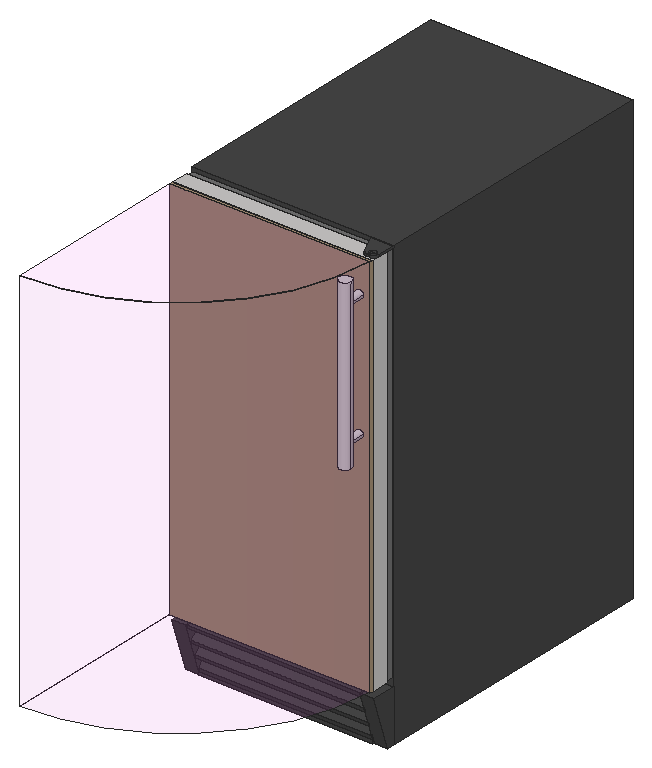
Revit family "QF_Summit_BIM44GIFADA_ADA_Compliant_Ice_Maker", category Specialty Equipment, Revit 2020
Family settings
  Round Connector Dimension = Use Diameter
  Part Type = Normal
  Work Plane-Based = No
  Always vertical = Yes
  Cut with Voids When Loaded = No
  Shared = No
  Room Calculation Point = No
Parameters
  Weight in Pounds = 100
  Watts = if(Phase = 3, Volts * FL Amps * 1.73, Volts * FL Amps)  # 552 W
  Waste Water Discharge Temperature = -459.67 °F
  Volts = 115 V
  Ventilation Remarks = ""
  URL Cutsheet = ""
  Specification by User = ""
  Specification by Manufacturer = ""
  Show RHD [instance] = yes
  Show LHD [instance] = not(Show RHD)  # no
  Show Clearance [instance] = yes
  Serial Number = ""
  Seismic Rating = ""
  SMACNA No = ""
  Revision Code = ""
  Refrigerant Volume = 0.00 kip
  Refrigerant Type = "R134a"
  Plumbing Remarks = ""
  Phase = 1
  Number of Poles = 1
  NAFEM Spec ID Number = ""
  Model = "BIM44GIFADA"
  Min Ckt Ampacity = 0 A
  Max Overcurrent Protection = 0 A
  Masterspec = ""
  Manufacturer = "Summit"
  Length = 14 1/2"
  Item Number = ""
  Installed By = ""
  Indirect Waste Size = 3/4"
  Indirect Waste Flow = 0 GPM
  Indirect Waste Connection Type = ""
  Indirect Waste Connection Height = 0"
  Identify Quantity as Lot = yes
  Height = 32 3/8"
  HP = ""
  Furnished By = ""
  Foodservice Equipment Identifier = yes
  FL Amps = 4.8 A
  Electrical Remarks = ""
  Electric Connection Type = ""
  Elec Conn RI Height = 0"
  Elec Conn Connection Height = 0"
  Direct Waste Size = 0"
  Direct Waste RI Height = 0"
  Direct Waste Flow = 0 GPM
  Direct Waste Connection Height = 0"
  Description = "ADA Compliant Ice Maker"
  Depth = 23 1/2"
  Default Elevation = 0"
  Cycle = 60 Hz
  Conn Plug = ""
  Conn Conduit = yes
  Cold Water Temperature Recommended = -459.67 °F
  Cold Water Size = 3/8"
  Cold Water RI Height = 0"
  Cold Water Minimum Pressure = 0.00 psi
  Cold Water Maximum Pressure = 0.00 psi
  Cold Water Flow = 0 GPM
  Cold Water Consumption = ""
  Cold Water Connection Height = 0"
  CSI MasterFormat = ""
  Base Height [instance] = 1/4"
  BTUH = 0.0 Btu/h
  Apparent Power = if(Phase = 3, Volts * FL Amps * 1.73, Volts * FL Amps)  # 552 VA
Reference planes (in)
  plane 1 "BACK": y = 0
  plane 2: z = 0
  plane 3 "LEFT": x = 0
  plane 4 "RIGHT": x = 14.5
  plane 5 "FRONT": y = -23.25
  plane 6 "TOP": z = 32.375
  plane 7 "Center Y": x = 7.25
  plane 8 "Center X": y = -11.625
  plane 9 "Base Height": z = 0.25
  plane 10: y = -25.25
  plane 11: y = -21.5
  plane 12: z = 0.5
  plane 13: y = -23.5
  plane 14: y = -37
  plane 15: z = 31.375
  plane 16: z = 19.375
Forms (in)
  Extrusion 1, solid, material "QF_Metal_Black"
    sketch origin (0, 0, 0.25) x (-1, 0, 0) y (0, -1, 0)
      loop
        line (0, 0) -> (0, 21.5) -> (-14.5, 21.5) -> (-14.5, 0) -> (0, 0)
    from 0 to 32.125
  Extrusion 2, solid, material "QF_Metal_Stainless_Polished"
    sketch origin (15.07679, -21.5, 0.25) x (-1, 0, 0) y (0, 0, -1)
      loop
        line (0.63929, -31.9375) -> (15.01429, -31.9375) -> (15.01429, -4.1875) -> (0.63929, -4.1875) -> (0.63929, -31.9375)
    from 0.48459 to 1.75
  Extrusion 3, solid, material "QF_Rubber - Black - Smooth"
    sketch origin (15.07679, -21.5, 0.25) x (-1, 0, 0) y (0, 0, -1)
      loop
        line (14.95179, -31.875) -> (14.95179, -4.25) -> (0.70179, -4.25) -> (0.70179, -31.875) -> (14.95179, -31.875)
    from 0 to 0.48459
  Extrusion 4, solid, material "QF_Metal_Black", visible <- "Show LHD"
    sketch origin (0, 0, 32.375) x (-1, 0, 0) y (0, -1, 0)
      loop
        arc (-1.59653, 21.54634) -> (-1.5807, 21.51337) -> (-1.54666, 21.5) r 0.05
        line (-1.54666, 21.5) -> (0, 21.5) -> (0, 22.79709)
        arc (0, 22.79709) -> (-0.10983, 23.06226) -> (-0.375, 23.17209) r 0.375
        line (-0.375, 23.17209) -> (-0.57316, 23.17209)
        arc (-0.57316, 23.17209) -> (-0.77491, 23.11319) -> (-0.91329, 22.95501) r 0.375
        line (-0.91329, 22.95501) -> (-1.59653, 21.54634)
      loop
        circle (-0.375, 22.85959) r 0.21875
    from 0 to -0.125
  Revolve 5, solid, material "QF_Metal_Black", visible <- "Show LHD"
    sketch origin (0, -22.8585, 0) x (1, 0, 0) y (0, 0, 1)
      loop
        line (0.375, 32.4375) -> (0.15649, 32.4375) -> (0.15649, 32.25) -> (0.26575, 32.25) -> (0.26575, 32.1875) -> (0.375, 32.1875) -> (0.375, 32.4375)
      axis (0.375, 32.1875) -> (0.375, 32.4375)
    angle from 0 to 360
  Extrusion 6, solid, material "QF_Metal_Black"
    sketch origin (14.4375, -21.5, 4.4375) x (0, 1, 0) y (1, 0, 0)
      loop
        line (0, -14.4375) -> (0, -12.89084)
        arc (0, -12.89084) -> (-0.01337, -12.8568) -> (-0.04634, -12.84097) r 0.05
        line (-0.04634, -12.84097) -> (-1.45501, -13.52421)
        arc (-1.45501, -13.52421) -> (-1.61319, -13.66259) -> (-1.67209, -13.86434) r 0.375
        line (-1.67209, -13.86434) -> (-1.67209, -14.0625)
        arc (-1.67209, -14.0625) -> (-1.56226, -14.32767) -> (-1.29709, -14.4375) r 0.375
        line (-1.29709, -14.4375) -> (0, -14.4375)
    from 0.0625 to 0.25
  Extrusion 7, solid, material "QF_Metal_Black"
    sketch origin (14.4375, -21.5, 4.375) x (0, 1, 0) y (-1, 0, 0)
      loop
        circle (-1.3585, 14.0625) r 0.21851
    from 0 to 0.125
  Extrusion 8, solid, material "QF_Metal_Black"
    sketch origin (0, 0, 0) x (0, 1, 0) y (0, 0, 1)
      loop
        line (-21.5, 0.25) -> (-21.5, 4) -> (-23.25, 4) -> (-22, 0.25) -> (-21.5, 0.25)
    from 0 to 1
  Extrusion 9, solid, material "QF_Metal_Black"
    sketch origin (14.5, 0, 0) x (0, -1, 0) y (0, 0, 1)
      loop
        line (21.5, 0.25) -> (22, 0.25) -> (23.25, 4) -> (21.5, 4) -> (21.5, 0.25)
    from 0 to 1
  Extrusion 10, solid, material "QF_Metal_Black"
    sketch origin (1, 0, 0) x (0, 1, 0) y (0, 0, 1)
      loop
        line (-21.5, 4) -> (-23.25, 4) -> (-23.16667, 3.75) -> (-21.625, 3.75) -> (-22.88286, 2.89857) -> (-22.79167, 2.625) -> (-21.625, 2.625) -> (-22.5, 1.75) -> (-22.41667, 1.5) -> (-21.67961, 1.5) -> (-22.16667, 0.75) -> (-22.08333, 0.5) -> (-22.08333, 0.25) -> (-21.5, 0.25) -> (-21.5, 4)
    from 0 to 12.5
  Extrusion 11, void
    sketch origin (0, 0, 0.25) x (1, 0, 0) y (0, 0, -1)
      loop
        line (0.25, -7.875) -> (5, -7.875) -> (5, -0.25) -> (0.25, -0.25) -> (0.25, -7.875)
    from -1 to 1
  Extrusion 12, solid, material "QF_Rubber - Black - Smooth"
    sketch origin (0, 0, 0.25) x (1, 0, 0) y (0, 0, -1)
      loop
        circle (5.5, -0.75) r 0.25
    from 0 to 0.0625
  Extrusion 13, solid
    sketch origin (0, -1, 0.25) x (1, 0, 0) y (0, 0, -1)
      loop
        circle (1.75, -4.875) r 0.375
      loop
        circle (3.0625, -6.57986) r 0.1875
    from 0 to 0.0625
  Extrusion 14, solid, material "QF_Clearances_Door_Drawer", visible <- "Show RHD"
    sketch origin (14.4375, -21.75, 4.4375) x (0, 1, 0) y (1, 0, 0)
      loop
        arc (-1.75, 0.00137) -> (-11.3422, -4.51854) -> (-15.25245, -14.375) r 14.42446
        line (-15.25245, -14.375) -> (-1.75, -14.375) -> (-1.75, 0.00137)
    from 0 to -27.75
  Revolve 15, solid, material "QF_Metal_Black"
    sketch origin (0, -20, 0) x (1, 0, 0) y (0, 0, 1)
      loop
        line (1, 0) -> (1.5, 0) -> (1.5, 0.25) -> (1, 0.25) -> (1, 0)
      axis (1.5, 0.25) -> (1.5, 0)
    angle from 0 to 360
  Revolve 16, solid, material "QF_Metal_Black"
    sketch origin (11.5, -20, 0) x (1, 0, 0) y (0, 0, 1)
      loop
        line (1, 0) -> (1.5, 0) -> (1.5, 0.25) -> (1, 0.25) -> (1, 0)
      axis (1.5, 0.25) -> (1.5, 0)
    angle from 0 to 360
  Revolve 17, solid, material "QF_Metal_Black"
    sketch origin (0, -1.5, 0) x (1, 0, 0) y (0, 0, 1)
      loop
        line (1, 0) -> (1.5, 0) -> (1.5, 0.25) -> (1, 0.25) -> (1, 0)
      axis (1.5, 0.25) -> (1.5, 0)
    angle from 0 to 360
  Revolve 18, solid, material "QF_Metal_Black"
    sketch origin (11.5, -1.5, 0) x (1, 0, 0) y (0, 0, 1)
      loop
        line (1, 0) -> (1.5, 0) -> (1.5, 0.25) -> (1, 0.25) -> (1, 0)
      axis (1.5, 0.25) -> (1.5, 0)
    angle from 0 to 360
  Extrusion 19, solid, material "QF_Wood_Hard_Rock_Maple_Satin"
    sketch origin (15.07679, -23.25, 0.25) x (-1, 0, 0) y (0, 0, -1)
      loop
        line (0.63929, -31.9375) -> (15.01429, -31.9375) -> (15.01429, -4.1875) -> (0.63929, -4.1875) -> (0.63929, -31.9375)
    from 0 to 0.25
  Extrusion 20, solid, material "QF_Metal_Stainless_Polished", visible <- "Show RHD"
    sketch origin (14.4375, -21.5, 32.1875) x (-1, 0, 0) y (0, -1, 0)
      loop
        circle (0.75096, 3.31373) r 0.43671
    from -0.8125 to -12.8125
  Extrusion 21, solid, material "QF_Metal_Stainless_Polished", visible <- "Show RHD"
    sketch origin (15.07679, -23.5, 0.25) x (-1, 0, 0) y (0, 0, -1)
      loop
        circle (1.39025, -29.625) r 0.25
      loop
        circle (1.39025, -20.625) r 0.25
    from 0 to 1.31373
  Extrusion 22, solid, material "QF_Clearances_Door_Drawer", visible <- "Show LHD"
    sketch origin (0.0625, -21.75, 4.4375) x (0, -1, 0) y (-1, 0, 0)
      loop
        line (1.75, 0.00137) -> (1.75, -14.375) -> (15.25245, -14.375)
        arc (15.25245, -14.375) -> (11.3422, -4.51854) -> (1.75, 0.00137) r 14.42446
    from 0 to -27.75
  Extrusion 23, solid, material "QF_Metal_Stainless_Polished", visible <- "Show LHD"
    sketch origin (0.0625, -21.5, 32.1875) x (1, 0, 0) y (0, 1, 0)
      loop
        circle (0.75096, -3.31373) r 0.43671
    from -0.8125 to -12.8125
  Extrusion 24, solid, material "QF_Metal_Stainless_Polished", visible <- "Show LHD"
    sketch origin (-0.57679, -23.5, 0.25) x (1, 0, 0) y (0, 0, 1)
      loop
        circle (1.39025, 29.625) r 0.25
      loop
        circle (1.39025, 20.625) r 0.25
    from 0 to 1.31373
  Extrusion 25, solid, material "QF_Metal_Black", visible <- "Show RHD"
    sketch origin (14.5, 0, 32.375) x (1, 0, 0) y (0, 1, 0)
      loop
        line (-1.59653, -21.54634) -> (-0.91329, -22.95501)
        arc (-0.91329, -22.95501) -> (-0.77491, -23.11319) -> (-0.57316, -23.17209) r 0.375
        line (-0.57316, -23.17209) -> (-0.375, -23.17209)
        arc (-0.375, -23.17209) -> (-0.10983, -23.06226) -> (0, -22.79709) r 0.375
        line (0, -22.79709) -> (0, -21.5) -> (-1.54666, -21.5)
        arc (-1.54666, -21.5) -> (-1.5807, -21.51337) -> (-1.59653, -21.54634) r 0.05
      loop
        circle (-0.375, -22.85959) r 0.21875
    from 0 to -0.125
  Revolve 26, solid, material "QF_Metal_Black", visible <- "Show RHD"
    sketch origin (14.5, -22.8585, 0) x (-1, 0, 0) y (0, 0, -1)
      loop
        line (0.375, -32.4375) -> (0.375, -32.1875) -> (0.26575, -32.1875) -> (0.26575, -32.25) -> (0.15649, -32.25) -> (0.15649, -32.4375) -> (0.375, -32.4375)
      axis (0.375, -32.1875) -> (0.375, -32.4375)
    angle from 0 to 360
Cuts and joins
  Extrusion 11 cuts Extrusion 1
Lines and regions (in)
  Split face 1
    outline origin (0.375, -22.8585, 32.4375) x (0, 1, 0) y (-1, 0, 0)
      loop
        line (-0.02941, 0.21652) -> (-0.02941, -0.21751)
  Split face 2
    outline origin (0.375, -22.8585, 32.4375) x (0, 1, 0) y (-1, 0, 0)
      loop
        line (0.03309, 0.21651) -> (0.03309, -0.21651)
  Split face 3
    outline origin (14.125, -22.8585, 32.4375) x (1, 0, 0) y (0, 1, 0)
      loop
        line (0.21652, -0.02941) -> (-0.21751, -0.02941)
  Split face 4
    outline origin (14.125, -22.8585, 32.4375) x (1, 0, 0) y (0, 1, 0)
      loop
        line (0.21651, 0.03309) -> (-0.21651, 0.03309)
  symbolic lines
    curve 1: line (0, 0, 0.25) -> (14.5, 0, 0.25)
    curve 2: line (0, -23.5, 0.25) -> (0, 0, 0.25)
    curve 3: line (14.5, -21.5, 0.25) -> (0, -21.5, 0.25)
    curve 4: line (14.5, 0, 0.25) -> (14.5, -23.5, 0.25)
    curve 5: line (14.375, -21.98459, 0.25) -> (14.375, -21.5, 0.25)
    curve 7: line (14.4375, -23.5, 0.25) -> (14.4375, -21.98459, 0.25)
    curve 17: line (0.0625, -23.00438, 0.25) -> (0.0625, -23.5, 0.25)
  symbolic lines, visible <- "Show LHD"
    curve 6: line (14.4375, -21.98459, 0.25) -> (1.38396, -21.98459, 0.25)
    curve 8: arc (1.59653, -21.54634, 0.25) -> (1.5807, -21.51337, 0.25) -> (1.54666, -21.5, 0.25) r 0.05
    curve 9: line (0.91329, -22.95501, 0.25) -> (1.59653, -21.54634, 0.25)
    curve 10: arc (0.57316, -23.17209, 0.25) -> (0.77491, -23.11319, 0.25) -> (0.91329, -22.95501, 0.25) r 0.375
    curve 11: line (0.375, -23.17209, 0.25) -> (0.57316, -23.17209, 0.25)
    curve 12: arc (0, -22.79709, 0.25) -> (0.10983, -23.06226, 0.25) -> (0.375, -23.17209, 0.25) r 0.375
    curve 13: arc (0.59351, -22.8585, 0.25) -> (0.375, -23.07701, 0.25) -> (0.15649, -22.8585, 0.25) r 0.21851
    curve 14: arc (0.15649, -22.8585, 0.25) -> (0.375, -22.64, 0.25) -> (0.59351, -22.8585, 0.25) r 0.21851
    curve 15: line (0.15901, -22.82541, 0.25) -> (0.59099, -22.82541, 0.25)
    curve 16: line (0.15848, -22.88791, 0.25) -> (0.59152, -22.88791, 0.25)
    curve 27: line (0.5625, -23.5, 0.25) -> (0.5625, -24.45633, 0.25)
    curve 28: line (1.0625, -23.5, 0.25) -> (1.0625, -24.45499, 0.25)
    curve 29: arc (0.37675, -24.81373, 0.25) -> (0.81346, -24.37702, 0.25) -> (1.25016, -24.81373, 0.25) r 0.43671
    curve 30: arc (1.25016, -24.81373, 0.25) -> (0.81346, -25.25043, 0.25) -> (0.37675, -24.81373, 0.25) r 0.43671
  symbolic lines, style "QF_Clearances_Door_Drawer", visible <- "Show RHD"
    curve 18: arc (14.43783, -23.5, 0.25) -> (13.72697, -27.12976, 0.25) -> (12.11734, -30.45986, 0.25) r 14.43997
    curve 19: line (0.0625, -23.5, 0.25) -> (12.11734, -30.45986, 0.25)
  symbolic lines, style "SpecialityEquipment"
    curve 20: line (0, -23.5, 0.25) -> (14.5, -23.5, 0.25)
  symbolic lines, visible <- "Show RHD"
    curve 21: line (13.9375, -23.5, 0.25) -> (13.9375, -24.45633, 0.25)
    curve 22: line (13.4375, -23.5, 0.25) -> (13.4375, -24.45499, 0.25)
    curve 23: arc (14.12325, -24.81373, 0.25) -> (13.68654, -24.37702, 0.25) -> (13.24984, -24.81373, 0.25) r 0.43671
    curve 24: arc (13.24984, -24.81373, 0.25) -> (13.68654, -25.25043, 0.25) -> (14.12325, -24.81373, 0.25) r 0.43671
    curve 31: arc (12.90347, -21.54634, 0.25) -> (12.9193, -21.51337, 0.25) -> (12.95334, -21.5, 0.25) r 0.05
    curve 32: line (13.58671, -22.95501, 0.25) -> (12.90347, -21.54634, 0.25)
    curve 33: arc (13.92684, -23.17209, 0.25) -> (13.72509, -23.11319, 0.25) -> (13.58671, -22.95501, 0.25) r 0.375
    curve 34: line (14.125, -23.17209, 0.25) -> (13.92684, -23.17209, 0.25)
    curve 35: arc (14.5, -22.79709, 0.25) -> (14.39017, -23.06226, 0.25) -> (14.125, -23.17209, 0.25) r 0.375
    curve 36: arc (13.90649, -22.8585, 0.25) -> (14.125, -23.07701, 0.25) -> (14.34351, -22.8585, 0.25) r 0.21851
    curve 37: arc (14.34351, -22.8585, 0.25) -> (14.125, -22.64, 0.25) -> (13.90649, -22.8585, 0.25) r 0.21851
    curve 38: line (14.34099, -22.82541, 0.25) -> (13.90901, -22.82541, 0.25)
    curve 39: line (14.34152, -22.88791, 0.25) -> (13.90848, -22.88791, 0.25)
    curve 40: line (0.0625, -21.98459, 0.25) -> (13.11604, -21.98459, 0.25)
    curve 41: line (0.0625, -23.5, 0.25) -> (0.0625, -21.98459, 0.25)
  symbolic lines, style "QF_Clearances_Door_Drawer", visible <- "Show LHD"
    curve 25: arc (0.06217, -23.5, 0.25) -> (0.77303, -27.12976, 0.25) -> (2.38266, -30.45986, 0.25) r 14.43997
    curve 26: line (14.4375, -23.5, 0.25) -> (2.38266, -30.45986, 0.25)
Dimensions and locks (in)
  equal spacing: plane 3 "LEFT", plane 7 "Center Y", plane 4 "RIGHT"
  "Length": plane 3 "LEFT" to plane 4 "RIGHT"
  equal spacing: plane 5 "FRONT", plane 8 "Center X", plane 1 "BACK"
  "Depth": plane 13 to plane 1 "BACK"
  "Height": plane 6 "TOP" to level
  "Base Height": plane 9 "Base Height" to level
  plane 14 to plane 1 "BACK" = 37"
  plane 10 to plane 5 "FRONT" = 2"
  plane 11 to plane 1 "BACK" = 21 1/2"
  plane 6 "TOP" to plane 9 "Base Height" = 32 1/8"
  plane 13 to plane 5 "FRONT" = 1/4"
  plane 15 to plane 16 = 12"
  aligned and locked: level to plane 2
Automatic sketch dimensions
  plane 1 "BACK" to Extrusion 1 sketch curve = 0"
  Extrusion 1 sketch curve to plane 4 "RIGHT" = 0"
  Extrusion 1 sketch curve to plane 3 "LEFT" = 0"
  plane 11 to Extrusion 1 sketch curve = 0"
  Extrusion 2 sketch curve to Extrusion 1 = 1/16"
  Extrusion 1 to Extrusion 2 sketch curve = 1/16"
  Extrusion 1 to Extrusion 2 sketch curve = 3/16"
  Extrusion 1 to Extrusion 2 sketch curve = 4 3/16"
  Extrusion 3 sketch curve to Extrusion 1 = 1/8"
  Extrusion 1 to Extrusion 3 sketch curve = 1/8"
  Extrusion 1 to Extrusion 3 sketch curve = 1/4"
  Extrusion 1 to Extrusion 3 sketch curve = 4 1/4"
  Extrusion 1 to Extrusion 4 sketch curve = 0"
  Extrusion 4 sketch curve to Extrusion 1 = 0"
  Extrusion 4 sketch curve to Extrusion 4 sketch curve = 3/8"
  Extrusion 4 sketch curve to Extrusion 4 sketch curve = 0"  (x2)
  Extrusion 4 sketch curve to Extrusion 4 sketch curve = 0.19816"
  Extrusion 4 sketch curve to Extrusion 4 sketch curve = 0.34013"
  Extrusion 4 sketch curve to Extrusion 4 sketch curve = 1.54666"
  Extrusion 1 to Extrusion 4 sketch curve = 0.04634"
  Extrusion 4 sketch curve to Extrusion 4 sketch curve = 0.04987"
  Extrusion 1 to Extrusion 4 sketch curve = 1.29709"
  Extrusion 4 sketch curve to Extrusion 4 sketch curve = 1/16"
  plane 6 "TOP" to Revolve 5 sketch curve = 1/16"
  plane 3 "LEFT" to Revolve 5 sketch curve = 0.15649"
  Revolve 5 sketch curve to Revolve 5 sketch curve = 0.10925"  (x2)
  Revolve 5 sketch curve to plane 6 "TOP" = 1/8"
  Revolve 5 sketch curve to Revolve 5 sketch curve = 1/16"
  Revolve 5 sketch curve to Revolve 5 sketch curve = 0"  (x2)
  Revolve 5 sketch curve to Revolve 5 sketch curve = 0.17625"
  Revolve 5 to Split face 1 sketch curve = 0.02941"
  Split face 1 sketch curve to Split face 1 sketch curve = 0.43403"
  Split face 2 sketch curve to Revolve 5 = 0.03309"
  Split face 2 sketch curve to Split face 2 sketch curve = 0.43301"
  Extrusion 6 sketch curve to Extrusion 2 = 0.07791"
  Extrusion 6 sketch curve to Extrusion 2 = 0.29499"
  Extrusion 6 sketch curve to Extrusion 6 sketch curve = 0.15792"
  Extrusion 2 to Extrusion 6 sketch curve = 1/16"
  Extrusion 6 sketch curve to Extrusion 2 = 0.45291"
  Extrusion 2 to Extrusion 6 sketch curve = 0.43459"
  Extrusion 6 sketch curve to Extrusion 6 sketch curve = 0.00366"
  Extrusion 2 to Extrusion 6 sketch curve = 0.48459"
  Extrusion 6 sketch curve to Extrusion 6 sketch curve = 0.19816"
  Extrusion 6 sketch curve to Extrusion 2 = 1.48416"
  Extrusion 7 sketch curve to Extrusion 7 sketch curve = 0"  (x2)
  Extrusion 7 sketch curve to Extrusion 6 = 0.31359"
  Extrusion 7 sketch curve to Extrusion 6 = 3/8"
  Extrusion 7 sketch curve to Extrusion 7 sketch curve = 0.21851"
  Extrusion 8 sketch curve to plane 5 "FRONT" = 0"
  Extrusion 8 sketch curve to plane 9 "Base Height" = 0"
  Extrusion 8 sketch curve to plane 11 = 0"
  plane 11 to Extrusion 8 sketch curve = 1/2"
  plane 12 to Extrusion 8 sketch curve = 3 1/2"
  Extrusion 9 sketch curve to plane 11 = 0"
  Extrusion 9 sketch curve to plane 9 "Base Height" = 0"  (x2)
  Extrusion 9 sketch curve to plane 5 "FRONT" = 0"
  plane 12 to Extrusion 9 sketch curve = 3 1/2"
  Extrusion 9 sketch curve to Extrusion 9 sketch curve = 1/2"
  Extrusion 9 sketch curve to Extrusion 9 sketch curve = 0"
  Extrusion 10 sketch curve to Extrusion 8 = 0"  (x4)
  Extrusion 8 to Extrusion 10 sketch curve = 0"  (x7)
  Extrusion 10 sketch curve to Extrusion 8 = 1/4"  (x2)
  Extrusion 10 sketch curve to Extrusion 8 = 1.10143"
  Extrusion 10 sketch curve to Extrusion 10 sketch curve = 0.09119"
  Extrusion 10 sketch curve to Extrusion 10 sketch curve = 0.29167"
  Extrusion 10 sketch curve to Extrusion 10 sketch curve = 0.08333"
  Extrusion 10 sketch curve to Extrusion 8 = 1/2"
  Extrusion 10 sketch curve to Extrusion 8 = 0.17961"
  Extrusion 10 sketch curve to Extrusion 8 = 1/8"  (x2)
  Extrusion 11 sketch curve to Extrusion 1 = 1/4"
  Extrusion 1 to Extrusion 11 sketch curve = 1/4"
  Extrusion 11 sketch curve to Extrusion 11 sketch curve = 4 3/4"
  Extrusion 11 sketch curve to Extrusion 11 sketch curve = 7 5/8"
  Extrusion 1 to Extrusion 12 sketch curve = 3/4"
  Extrusion 12 sketch curve to Extrusion 1 = 5 1/2"
  Extrusion 13 sketch curve to Extrusion 11 = 1 1/2"
  Extrusion 13 sketch curve to Extrusion 11 = 1 15/16"
  Extrusion 13 sketch curve to Extrusion 11 = 1.29514"
  Extrusion 13 sketch curve to Extrusion 13 sketch curve = 1.70486"
  Extrusion 14 sketch curve to Extrusion 2 = 0"
  Extrusion 2 to Extrusion 14 sketch curve = 13.75245"
  Extrusion 2 to Extrusion 14 sketch curve = 1/4"
  Extrusion 2 to Extrusion 14 sketch curve = 0.01859"
  Extrusion 14 sketch curve to Extrusion 2 = 0.59341"
  Revolve 15 sketch curve to level = 0"  (x2)
  Revolve 15 sketch curve to plane 9 "Base Height" = 0"
  plane 3 "LEFT" to Revolve 15 sketch curve = 1"
  Revolve 15 sketch curve to Revolve 15 sketch curve = 1/2"
  Revolve 15 sketch curve to Revolve 15 sketch curve = 0"
  Revolve 15 sketch curve to Revolve 15 sketch curve = 0.61388"
  Revolve 16 sketch curve to level = 0"  (x2)
  Revolve 16 sketch curve to plane 9 "Base Height" = 0"
  plane 4 "RIGHT" to Revolve 16 sketch curve = 2"
  Revolve 16 sketch curve to Revolve 16 sketch curve = 1/2"
  Revolve 16 sketch curve to Revolve 16 sketch curve = 0"
  Revolve 16 sketch curve to Revolve 16 sketch curve = 0.61388"
  Revolve 17 sketch curve to level = 0"  (x2)
  Revolve 17 sketch curve to plane 9 "Base Height" = 0"
  plane 3 "LEFT" to Revolve 17 sketch curve = 1"
  Revolve 17 sketch curve to Revolve 17 sketch curve = 1/2"
  Revolve 17 sketch curve to Revolve 17 sketch curve = 0"
  Revolve 17 sketch curve to level = 0.61388"
  Revolve 18 sketch curve to level = 0"  (x2)
  Revolve 18 sketch curve to plane 9 "Base Height" = 0"
  plane 4 "RIGHT" to Revolve 18 sketch curve = 2"
  Revolve 18 sketch curve to Revolve 18 sketch curve = 1/2"
  Revolve 18 sketch curve to Revolve 18 sketch curve = 0"
  Revolve 18 sketch curve to level = 0.61388"
  Extrusion 19 sketch curve to Extrusion 2 = 0"  (x3)
  Extrusion 2 to Extrusion 19 sketch curve = 0"
  Extrusion 2 to Extrusion 20 sketch curve = 0.75096"
  Extrusion 20 sketch curve to Extrusion 2 = 1.56373"
  Extrusion 21 sketch curve to Extrusion 19 = 0.75096"  (x2)
  Extrusion 21 sketch curve to Extrusion 19 = 2 5/16"
  Extrusion 21 sketch curve to Extrusion 21 sketch curve = 9"
  Extrusion 22 sketch curve to Extrusion 2 = 0"
  Extrusion 22 sketch curve to Extrusion 2 = 0.01859"
  Extrusion 22 sketch curve to Extrusion 2 = 0.59341"
  Extrusion 2 to Extrusion 22 sketch curve = 0.00137"
  Extrusion 2 to Extrusion 22 sketch curve = 1/4"
  Extrusion 2 to Extrusion 23 sketch curve = 0.75096"
  Extrusion 23 sketch curve to Extrusion 2 = 1.56373"
  Extrusion 24 sketch curve to Extrusion 19 = 0.75096"  (x2)
  Extrusion 24 sketch curve to Extrusion 19 = 11 5/16"
  Extrusion 24 sketch curve to Extrusion 19 = 2 5/16"
  Extrusion 1 to Extrusion 25 sketch curve = 0"
  Extrusion 25 sketch curve to Extrusion 1 = 0"
  Extrusion 25 sketch curve to Extrusion 25 sketch curve = 3/8"
  Extrusion 25 sketch curve to Extrusion 25 sketch curve = 0"  (x2)
  Extrusion 25 sketch curve to Extrusion 25 sketch curve = 0.19816"
  Extrusion 25 sketch curve to Extrusion 25 sketch curve = 0.34013"
  Extrusion 25 sketch curve to Extrusion 25 sketch curve = 1.54666"
  Extrusion 1 to Extrusion 25 sketch curve = 0.04634"
  Extrusion 25 sketch curve to Extrusion 25 sketch curve = 0.04987"
  Extrusion 1 to Extrusion 25 sketch curve = 1.29709"
  Extrusion 25 sketch curve to Extrusion 25 sketch curve = 1/16"
  plane 6 "TOP" to Revolve 26 sketch curve = 1/16"
  plane 4 "RIGHT" to Revolve 26 sketch curve = 0.15649"
  Revolve 26 sketch curve to Revolve 26 sketch curve = 0.10925"  (x2)
  Revolve 26 sketch curve to plane 6 "TOP" = 1/8"
  Revolve 26 sketch curve to Revolve 26 sketch curve = 1/16"
  Revolve 26 sketch curve to Revolve 26 sketch curve = 0"  (x2)
  Revolve 26 sketch curve to Revolve 26 sketch curve = 0.17625"
  Revolve 26 to Split face 3 sketch curve = 0.02941"
  Split face 3 sketch curve to Split face 3 sketch curve = 0.43403"
  Split face 4 sketch curve to Revolve 26 = 0.03309"
  Split face 4 sketch curve to Split face 4 sketch curve = 0.43301"
  curve 13 to curve 14 = 0"  (x2)
  curve 23 to curve 24 = 0"  (x2)
  curve 29 to curve 30 = 0"  (x2)
  curve 36 to curve 37 = 0"  (x2)
  curve 20 to plane 4 "RIGHT" = 0"
  curve 18 to plane 13 = 0"
  curve 7 to plane 13 = 0"
  plane 11 to curve 5 = 0"
  curve 19 to plane 13 = 0"
  curve 12 to plane 3 "LEFT" = 0"
  plane 1 "BACK" to curve 1 = 0"
  plane 4 "RIGHT" to curve 25 = 0.02832"
  plane 4 "RIGHT" to curve 7 = 1/16"
  curve 34 to plane 5 "FRONT" = 0.07791"
  plane 4 "RIGHT" to curve 34 = 3/8"
  curve 37 to curve 35 = 0"
  curve 35 to curve 33 = 0.19816"
  plane 4 "RIGHT" to curve 23 = 0.81346"
  curve 32 to plane 5 "FRONT" = 0.29499"
  curve 33 to curve 32 = 0.34013"
  plane 11 to curve 31 = 0.05"
  curve 32 to curve 31 = 0.63337"
  plane 11 to curve 32 = 0.04634"
  plane 4 "RIGHT" to curve 19 = 2.38266"
  plane 3 "LEFT" to curve 26 = 2.38266"
  plane 11 to curve 9 = 0.04634"
  plane 3 "LEFT" to curve 9 = 1.59653"
  curve 8 to curve 8 = 0.04987"
  curve 9 to plane 5 "FRONT" = 0.29499"
  plane 3 "LEFT" to curve 9 = 0.91329"
  plane 3 "LEFT" to curve 29 = 0.81346"
  curve 11 to plane 5 "FRONT" = 0.07791"
  curve 9 to curve 11 = 0.34013"
  curve 10 to curve 12 = 0.19816"
  curve 14 to curve 12 = 0"
  plane 3 "LEFT" to curve 19 = 1/16"
  plane 3 "LEFT" to curve 18 = 0.02832"
  plane 11 to curve 40 = 0.48459"
  plane 11 to curve 6 = 0.48459"
  curve 18 to curve 12 = 0.23459"
  curve 25 to curve 35 = 0.23459"
  curve 12 to curve 14 = 0.06141"
  curve 35 to curve 37 = 0.06141"
  plane 10 to curve 29 = 0.43627"
  plane 10 to curve 24 = 0.43627"
  curve 19 to plane 10 = 5.20986"
  curve 26 to plane 10 = 5.20986"
  curve 6 to curve 5 = 1/16"
  plane 4 "RIGHT" to curve 36 = 0.15649"
  curve 36 to curve 39 = 0.00199"
  curve 36 to curve 38 = 0.00252"
  plane 4 "RIGHT" to curve 23 = 0.37675"
  curve 21 to curve 34 = 0.01066"
  curve 22 to curve 23 = 0.18766"
  curve 30 to curve 29 = 0.43671"
  curve 29 to curve 28 = 0.18766"
  curve 14 to curve 10 = 0.02035"
  curve 13 to curve 16 = 0.00199"
  curve 14 to curve 15 = 0.00252"
  curve 27 to curve 29 = 0.18575"
  radius of Extrusion 4 sketch curve = 7/32"
  radius of Extrusion 12 sketch curve = 1/4"
  radius of Extrusion 13 sketch curve = 3/8"
  radius of Extrusion 13 sketch curve = 3/16"
  radius of Extrusion 20 sketch curve = 0.43671"
  radius of Extrusion 21 sketch curve = 1/4"  (x2)
  radius of Extrusion 23 sketch curve = 0.43671"
  radius of Extrusion 24 sketch curve = 1/4"  (x2)
  radius of Extrusion 25 sketch curve = 7/32"
Connectors (in)
  piping at (1.75, -0.9375, 5.125), diameter 0.75
    settings: on Extrusion 13, index 1, connector inside diameter 24", connector length 0", flow factor 0, pipe flow 0 GPM, pressure drop 0.00 psi, fitting loss kfactor 0, connector angle 0.00°, fixture units 0, engagement length 0", angle of deflection 0.00°, flow configuration 1, flow direction 2, fitting loss method 0, system type 16, joint type 0, gender type 0, connector reference index -1, connector utility 0, adjustable connector no, is connector primary yes, connector description "Drain"
  piping at (3.0625, -0.9375, 6.82986), diameter 0.375
    settings: on Extrusion 13, index 2, connector inside diameter 24", connector length 0", flow factor 0, pipe flow 0 GPM, pressure drop 0.00 psi, fitting loss kfactor 0, connector angle 0.00°, fixture units 0, engagement length 0", angle of deflection 0.00°, flow configuration 1, flow direction 1, fitting loss method 0, system type 20, joint type 0, gender type 0, connector reference index -1, connector utility 0, adjustable connector no, is connector primary no, connector description "Cold Water Connection"
  electrical at (5.5, 0.0625, 1), driven by "Volts"
    settings: on Extrusion 12, index 3, voltage 115 V, apparent load 0 VA, apparent load phase1 0 VA, apparent load phase2 0 VA, apparent load phase3 0 VA, power factor 1, load classification "Other", number of poles 1, system type 30, power factor state 1, is connector primary yes, connector utility no, sub classification motor no, connector description "Electrical Connection"
